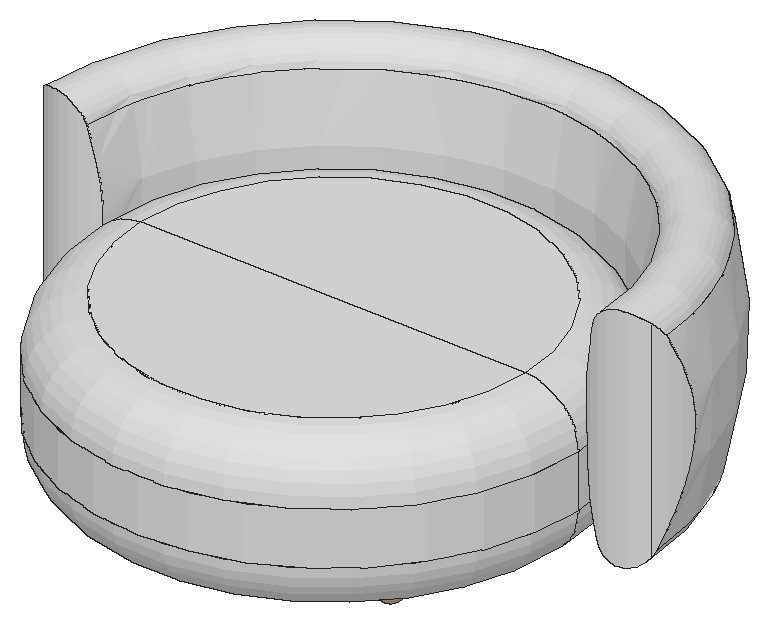
Revit family "POLTRONA OPUS.dwg", category Modelos genéricos, Revit 2024
Family settings
  Pode hospedar o vergalhão = Não
  Cota do conector redondo = Utilizar diâmetro
  Tipo de parte = Normal
  Com base no plano de trabalho = Não
  Sempre na vertical = Sim
  Corte com vazios quando carregada = Sim
  Manter orientação da anotação = Não
  Compartilhado = Não
  Ponto de cálculo do ambiente = Não
Parameters
  Elevação padrão = 0.0 cm
Reference planes (cm)
  plane 1 "Centro (Frente/Trás)": y = 0
  plane 2: z = 0
  plane 3 "Centro (Esquerda/Direita)": x = 0
  plane 4: x = -125
  plane 5: x = 125
  plane 6: y = -28
  plane 7: y = 28
Forms (cm)
  Revolve 1, solid, material "ESTOFADO"
    sketch origin (-3, -1.5, 0) x (1, 0, 0) y (0, 0, 1)
      loop
        line (2.938, 0) -> (2.938, 45) -> (-52.062, 45)
        arc (-52.062, 45) -> (-62.6686, 40.6066) -> (-67.062, 30) r 15
        line (-67.062, 30) -> (-67.062, 15)
        arc (-67.062, 15) -> (-62.6686, 4.3934) -> (-52.062, 0) r 15
        line (-52.062, 0) -> (2.938, 0)
      axis (2.938, 45) -> (2.938, 0)
    angle from 0 to 360
  Revolve 2, solid, material "MADEIRA NATURAL"
    sketch origin (617.3649, -31.238, 29.9346) x (-1, 0, 0) y (0, 0, -1)
      loop
        arc (577.1906, 35.4936) -> (573.1906, 31.4936) -> (577.1906, 27.4936) r 4
        line (577.1906, 27.4936) -> (577.1906, 35.4936)
      axis (577.1906, 27.4936) -> (577.1906, 35.4936)
    angle from 0 to 360
  Revolve 3, solid, material "MADEIRA NATURAL"
    sketch origin (617.3649, 33.762, 29.9346) x (-1, 0, 0) y (0, 0, -1)
      loop
        arc (577.1906, 35.4936) -> (573.1906, 31.4936) -> (577.1906, 27.4936) r 4
        line (577.1906, 27.4936) -> (577.1906, 35.4936)
      axis (577.1906, 27.4936) -> (577.1906, 35.4936)
    angle from 0 to 360
  Revolve 4, solid, material "MADEIRA NATURAL"
    sketch origin (536.1774, -31.238, 29.9346) x (-1, 0, 0) y (0, 0, -1)
      loop
        arc (577.1906, 35.4936) -> (573.1906, 31.4936) -> (577.1906, 27.4936) r 4
        line (577.1906, 27.4936) -> (577.1906, 35.4936)
      axis (577.1906, 27.4936) -> (577.1906, 35.4936)
    angle from 0 to 360
  Revolve 5, solid, material "MADEIRA NATURAL"
    sketch origin (536.1774, 33.762, 29.9346) x (-1, 0, 0) y (0, 0, -1)
      loop
        arc (577.1906, 35.4936) -> (573.1906, 31.4936) -> (577.1906, 27.4936) r 4
        line (577.1906, 27.4936) -> (577.1906, 35.4936)
      axis (577.1906, 27.4936) -> (577.1906, 35.4936)
    angle from 0 to 360
  Sweep 6, solid, material "ESTOFADO"
    path origin (26.3534, -6.5009, 45) x (1, 0, 0) y (0, 1, 0)
      loop
        arc (-106.3534, 5.7509) -> (-26.3534, 85.7509) -> (53.6466, 5.7509) r 80
    profile origin (0, 79.25, 45) x (0, 1, 0) y (0, 0, 1)
      loop
        arc (7.7072, -36.6269) -> (12.3117, -9.5311) -> (9.0677, 17.761) r 96.2166
        arc (9.0677, 17.761) -> (0.7416, 24.151) -> (-7.5845, 17.761) r 8.6194
        arc (-7.5845, 17.761) -> (-10.8285, -9.5311) -> (-6.224, -36.6269) r 96.2166
        arc (-6.224, -36.6269) -> (0.7416, -41.6293) -> (7.7072, -36.6269) r 7.3508
  Extrusion 7, void
    sketch origin (222.9807, -237.5592, 29.9346) x (0, 1, 0) y (-1, 0, 0)
      loop
        arc (239.9111, 292.1758) -> (237.499, 301.1791) -> (241.0857, 309.7821) r 14.4503
        arc (241.0857, 309.7821) -> (250.1525, 313.8792) -> (260.0979, 313.5942) r 22.1494
        line (260.0979, 313.5942) -> (225.5744, 330.3798) -> (220.4995, 294.2702) -> (245.5624, 288.6619)
        arc (245.5624, 288.6619) -> (242.544, 290.1088) -> (239.9111, 292.1758) r 15.3451
    from -33.097 to 44.4034
  Extrusion 8, void
    sketch origin (-222.9807, -237.5592, 29.9346) x (0, 1, 0) y (-1, 0, 0)
      loop
        arc (239.9111, -292.1758) -> (242.544, -290.1088) -> (245.5624, -288.6619) r 15.3451
        line (245.5624, -288.6619) -> (220.4995, -294.2702) -> (225.5744, -330.3798) -> (260.0979, -313.5942)
        arc (260.0979, -313.5942) -> (250.1525, -313.8792) -> (241.0857, -309.7821) r 22.1494
        arc (241.0857, -309.7821) -> (237.499, -301.1791) -> (239.9111, -292.1758) r 14.4503
    from -33.097 to 44.4034
Cuts and joins
  Extrusion 7, Extrusion 8 cuts Sweep 6
Dimensions and locks (cm)
  equal spacing: plane 6, plane 1 "Centro (Frente/Trás)", plane 7
  equal spacing: plane 4, plane 3 "Centro (Esquerda/Direita)", plane 5
  aligned and locked: level to plane 2
Automatic sketch dimensions
  Revolve 1 sketch curve to level = 0.0 cm
  level to Revolve 1 sketch curve = 15.0 cm
  plane 4 to Revolve 1 sketch curve = 54.938 cm
  Revolve 1 sketch curve to Revolve 1 sketch curve = 0.0 cm
  Revolve 1 sketch curve to plane 3 "Centro (Esquerda/Direita)" = 0.062 cm  (x2)
  Revolve 1 sketch curve to Revolve 1 sketch curve = 15.0 cm
  Revolve 1 sketch curve to Revolve 1 sketch curve = 33.0 cm
  Revolve 1 sketch curve to Revolve 1 sketch curve = 50.0 cm
  level to Revolve 2 sketch curve = 2.441 cm
  plane 3 "Centro (Esquerda/Direita)" to Revolve 2 sketch curve = 40.1744 cm
  Revolve 2 sketch curve to level = 1.559 cm
  Revolve 2 sketch curve to Revolve 2 sketch curve = 0.0 cm
  Revolve 2 sketch curve to Revolve 2 sketch curve = 2.6328 cm
  Revolve 2 sketch curve to Revolve 2 sketch curve = 3.3672 cm
  level to Revolve 3 sketch curve = 2.441 cm
  plane 3 "Centro (Esquerda/Direita)" to Revolve 3 sketch curve = 40.1744 cm
  Revolve 3 sketch curve to level = 1.559 cm
  Revolve 3 sketch curve to Revolve 3 sketch curve = 0.0 cm
  Revolve 3 sketch curve to Revolve 3 sketch curve = 2.6328 cm
  Revolve 3 sketch curve to Revolve 3 sketch curve = 3.3672 cm
  level to Revolve 4 sketch curve = 2.441 cm
  Revolve 4 sketch curve to plane 3 "Centro (Esquerda/Direita)" = 41.0131 cm
  Revolve 4 sketch curve to level = 1.559 cm
  Revolve 4 sketch curve to Revolve 4 sketch curve = 0.0 cm
  Revolve 4 sketch curve to Revolve 4 sketch curve = 2.6328 cm
  Revolve 4 sketch curve to Revolve 4 sketch curve = 3.3672 cm
  level to Revolve 5 sketch curve = 2.441 cm
  Revolve 5 sketch curve to plane 3 "Centro (Esquerda/Direita)" = 41.0131 cm
  Revolve 5 sketch curve to level = 1.559 cm
  Revolve 5 sketch curve to Revolve 5 sketch curve = 0.0 cm
  Revolve 5 sketch curve to Revolve 5 sketch curve = 2.6328 cm
  Revolve 5 sketch curve to Revolve 5 sketch curve = 3.3672 cm
  Sweep 6 sketch curve to Sweep 6 sketch curve = 80.0 cm
  Sweep 6 sketch curve to profile plane = 7.125 cm  (x2)
  profile plane to Sweep 6 sketch curve = 83.8749 cm
  Sweep 6 sketch curve to profile plane = 0.7416 cm  (x2)
  Sweep 6 sketch curve to profile plane = 85.3581 cm
  Sweep 6 sketch curve to profile plane = 34.2785 cm
  profile plane to Sweep 6 sketch curve = 15.5316 cm
  profile plane to Sweep 6 sketch curve = 7.5845 cm
  Sweep 6 sketch curve to Sweep 6 sketch curve = 0.0 cm
  profile plane to Sweep 6 sketch curve = 6.224 cm
  Sweep 6 sketch curve to Sweep 6 sketch curve = 6.9656 cm
  Extrusion 7 sketch curve to plane 6 = 10.9403 cm
  plane 1 "Centro (Frente/Trás)" to Extrusion 7 sketch curve = 11.9849 cm
  Extrusion 7 sketch curve to plane 1 "Centro (Frente/Trás)" = 8.0032 cm
  Extrusion 7 sketch curve to plane 1 "Centro (Frente/Trás)" = 13.0874 cm
  Extrusion 7 sketch curve to Extrusion 7 sketch curve = 1.2706 cm
  Extrusion 7 sketch curve to Extrusion 7 sketch curve = 2.5898 cm
  plane 7 to Extrusion 7 sketch curve = 5.4613 cm
  plane 4 to Extrusion 7 sketch curve = 59.3188 cm
  Extrusion 7 sketch curve to Extrusion 7 sketch curve = 3.5002 cm
  Extrusion 7 sketch curve to Extrusion 7 sketch curve = 5.6083 cm
  Extrusion 7 sketch curve to Extrusion 7 sketch curve = 8.055 cm
  Extrusion 7 sketch curve to Extrusion 7 sketch curve = 2.9232 cm
  Extrusion 7 sketch curve to Extrusion 7 sketch curve = 10.454 cm
  plane 4 to Extrusion 7 sketch curve = 17.601 cm
  Extrusion 7 sketch curve to plane 1 "Centro (Frente/Trás)" = 2.3518 cm
  Extrusion 8 sketch curve to plane 6 = 10.9403 cm
  plane 1 "Centro (Frente/Trás)" to Extrusion 8 sketch curve = 11.9849 cm
  Extrusion 8 sketch curve to plane 1 "Centro (Frente/Trás)" = 8.0032 cm
  Extrusion 8 sketch curve to plane 1 "Centro (Frente/Trás)" = 13.0874 cm
  Extrusion 8 sketch curve to Extrusion 8 sketch curve = 1.2706 cm
  Extrusion 8 sketch curve to Extrusion 8 sketch curve = 2.5898 cm
  plane 7 to Extrusion 8 sketch curve = 5.4613 cm
  Extrusion 8 sketch curve to plane 5 = 17.601 cm
  Extrusion 8 sketch curve to plane 5 = 34.3865 cm
  Extrusion 8 sketch curve to Extrusion 8 sketch curve = 10.454 cm
  Extrusion 8 sketch curve to Extrusion 8 sketch curve = 2.9232 cm
  Extrusion 8 sketch curve to Extrusion 8 sketch curve = 8.8701 cm
  Extrusion 8 sketch curve to Extrusion 8 sketch curve = 8.055 cm
  Extrusion 8 sketch curve to Extrusion 8 sketch curve = 3.5002 cm
  Extrusion 8 sketch curve to plane 1 "Centro (Frente/Trás)" = 2.3518 cm
  Sweep 6 sketch curve to plane 3 "Centro (Esquerda/Direita)" = 0.0 cm
  plane 1 "Centro (Frente/Trás)" to Sweep 6 sketch curve = 0.75 cm
